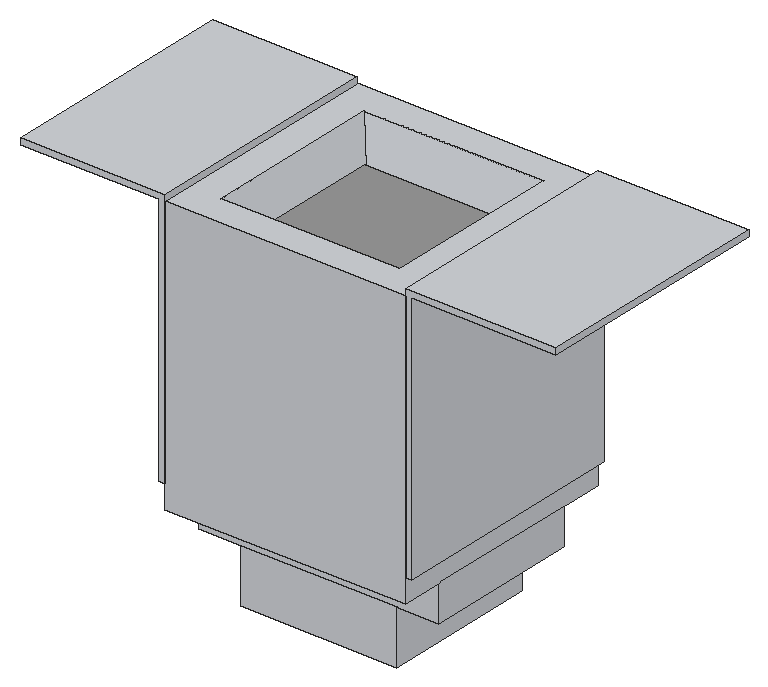
Revit family "2061052 Sylvania Lighting Fixture DOMINO 1xLED 930 BLACK MB TRIMLESS WHITE", category Lighting Fixtures, host Face, Revit 2018
Family settings
  Host = Face
  Round Connector Dimension = Use Diameter
  Part Type = Normal
  OmniClass Number = 23.80.70.00
  OmniClass Title = Lighting
  Cut with Voids When Loaded = No
  Light Source = Yes
  Shared = No
  Room Calculation Point = No
Parameters (values of type "2061052 DOMINO 1XLED 930 BLACK MB TS WHT ")
  top top width = 15.812 mm
  top top length = 26 mm
  bracket height = 42 mm
  Width = 50 mm
  Weight = "n/a"
  Wattage Comments = ""
  Wattage = 9.2903 W
  WarrantyStartDate [instance] = "n/a"
  WarrantyGuarantorParts = "n/a"
  WarrantyDurationUnit = "n/a"
  WarrantyDurationParts = ""
  WarrantyDescription = "http://www.sylvania-lighting.com"
  built-in parameter 1150110 = 1 (stored number, unit not read)
  Voltage = 0 V
  URL = "0.6"
  TypeName = "DOMINO 1xLED 930 BLACK MB TRIMLESS WHITE"
  Type Image = <None>
  Type Comments = "n/a"
  built-in parameter 1114217 = 1 (stored number, unit not read)
  Top Width = 26 mm
  Tilt Angle = 90.00°
  built-in parameter 1150109 = 1 (stored number, unit not read)
  built-in parameter 1150134 = 3
  built-in parameter 1150113 = 1 (stored number, unit not read)
  SerialNumber [instance] = "n/a"
  Recessed Width = 43 mm
  Recessed Length = 43 mm
  Photometric Web File = "2061052.ies"
  Material_3_FEILO = none
  PowerFactor = 0
  PowerConsumption = "Lighting"
  NominalLength = 40 mm
  NominalHeight = 0 mm
  NominalDepth = 0 mm
  Name = "DOMINO 1xLED 930 BLACK MB TRIMLESS WHITE"
  ModelReference = Name  # "DOMINO 1xLED 930 BLACK MB TRIMLESS WHITE"
  ModelNumber = "2061052"
  Model = Name  # "DOMINO 1xLED 930 BLACK MB TRIMLESS WHITE"
  Material = "Feilo Sylvania"
  ManufacturerName = "44 lm/W"
  Manufacturer = ""
  LuminousEfficacy = ""
  built-in parameter 1150105 = 109.82 (stored number, unit not read)
  Lumens = 1380 lm
  LuminaireType = "0"
  built-in parameter 1150115 = 1 (stored number, unit not read)
  LightOutputRatio = "LED"
  built-in parameter 1150137 = (empty or 0)
  built-in parameter 1150139 = (empty or 0)
  Lens inside recess = 25 mm
  Lens Width = 32 mm
  Lens Outside recess = 31.978 mm
  Lens = Glass, White, High Luminance
  Length = 50 mm
  LampsType = Lamp  # "n/a"
  LampNominalLuminous = "3000 K"
  LampMacAdamStep = "90"
  LampColourTemperature = "LED"
  LampColourRenderingIndex = "16500"
  built-in parameter 1150112 = 1 (stored number, unit not read)
  built-in parameter 1150114 = 1 (stored number, unit not read)
  Lamp = "n/a"
  Keynote = "n/a"
  InstallationDate [instance] = "n/a"
  InputVoltage = "0"
  InputNominalFrequency = "3000"
  built-in parameter 1150132 = (empty or 0)
  built-in parameter 1150102 = (empty or 0)
  built-in parameter 1150107 = 3200 (stored number, unit not read)
  built-in parameter 1150138 = (empty or 0)
  IngressProtection = "IfcLightFixtureType"
  ImpactProtectionIndex = "IfcLightFixtureType"
  built-in parameter 1150106 = 1.0982 (stored number, unit not read)
  IfcExportType = "IfcLightFixtureType"
  IfcExportAs = "Class II"
  Facia internal width = 37 mm
  Facia internal length = 37 mm
  Facia Height = 2 mm
  ExpectedLife = 50000
  Emit from Circle Diameter = 609.6 mm
  Emit Shape Visible in Rendering = no
  ElectricShockClassification = "44"
  built-in parameter 1150104 = 13.8 (stored number, unit not read)
  DurationUnit = "hours"
  DocumentationLiterature = "http://www.sylvania-lighting.com/product/en-int/products/2061052"
  DimmingControlOptions = "n/a"
  Material_2_FEILO = none
  Dimming Lamp Color Temperature Shift = <None>
  Description = "Modular LED recessed linear spotlight, ideal for retail and hospitality applications. Die-cast aluminium body, passive cooling. Two levels of reflector installation, low glaring UGR<16. 1x LED source, 30° beam angle , optics: PMMA lens and polycarbonate reflector combination, Black matt reflector finish. Light color temperature: 3000K warm white, total system power: 4W , total fixture lumen output: 175lm, efficacy: 44 lm/W, Ra90 typical, LED chromacity: 3 step MacAdam ellipse (SDCM3), lifespan: 96,000 hours at 90% of the original output (L90B10), IR/UV free light source without heat radiation, operating voltage: 220-240V / 50-60Hz, electronic driver, ultra low flicker, non-dimmable , electrical protection: Class II. Degree of Protection: IP40/IP20, suitable for indoor environment only. Ceiling cut-out: 42x42mm, outer dimensions:  40x40mm , trimless frame RAL 9016 - Traffic white / Bezel color.5 years Warranty."
  Default Elevation = 1219.2 mm
  CreatedOn = "11/02/2021"
  CreatedBy = "@sylvania-lighting.com"
  Cost = 0
  Color Filter = 16777215
  built-in parameter 1114216 [instance] = (empty or 0)
  ClassificationValue = "EF_70_80"
  ClassificationName = "Uniclass2015"
  Material_1_FEILO = none
  Body Width = 40 mm
  Body Length = 40 mm
  BarCode [instance] = "n/a"
  built-in parameter 1114218 = 1 (stored number, unit not read)
  built-in parameter 1150133 = 10 (stored number, unit not read)
  AssetType = "Fixed"
  AssetIdentifier [instance] = "n/a"
  Assembly Code = "D5020200"
  Apparent Load = 4 VA
  Material_4_FEILO = none
Reference planes
  plane 1 "Center (Front/Back)": y = 0
  plane 2: z = 0
  plane 3 "Center (Left/Right)": x = 0
  plane 4: z = 0
  plane 5: z = -7
  plane 6: z = -45.895
  plane 7: z = -51.895
  plane 8: z = -60.895
  plane 9: x = -21.5
  plane 10: x = 21.5
  plane 11: y = 21.5
  plane 12: y = -21.5
  plane 13: x = -25
  plane 14: x = 25
  plane 15: y = 25
  plane 16: y = -25
  plane 17: x = 18.5
  plane 18: x = -18.5
  plane 19: y = 18.5
  plane 20: y = -18.5
  plane 21: z = 2
  plane 22: x = -20
  plane 23: x = 20
  plane 24: y = 20
  plane 25: y = -20
  plane 26: y = 13
  plane 27: y = -13
  plane 28: y = 16
  plane 29: y = -16
  plane 30: x = 13
  plane 31: x = -13
  plane 32: x = -15.772
  plane 33: x = 16.206
  plane 34: y = 12.5
  plane 35: y = -12.5
  plane 36: x = -12.5
  plane 37: x = 12.5
  plane 38: z = -42
  plane 39: x = -44
  plane 40: z = 0.969
  plane 41: x = -21
  plane 42: x = 21
  plane 43: x = 45
Forms (mm)
  Extrusion 1, solid, not visible, detail levels medium+fine
    sketch origin (4.2, 0, 0) x (1, 0, 0) y (0, 1, 0)
      loop
        line (-29.2, 34.5) -> (-29.2, -34.5) -> (20.8, -34.5) -> (20.8, 34.5) -> (-29.2, 34.5)
    from 0 to 1
  Extrusion 2, solid, not visible, detail levels medium+fine
    sketch origin (4.044, 0, 0) x (1, 0, 0) y (0, 1, 0)
      loop
        line (-29.2, 34.5) -> (-29.2, -34.5) -> (20.8, -34.5) -> (20.8, 34.5) -> (-29.2, 34.5)
    from 0 to 1
  Blend 3, solid, not visible, detail levels medium+fine
    base sketch origin (4.2, 0, 0) x (1, 0, 0) y (0, 1, 0)
      loop
        line (-29.2, 34.5) -> (-29.2, -34.5) -> (20.8, -34.5) -> (20.8, 34.5) -> (-29.2, 34.5)
    top sketch origin (4.2, 0, 0) x (1, 0, 0) y (0, 1, 0)
      loop
        line (-21.7, 28) -> (-21.7, -28) -> (13.3, -28) -> (13.3, 28) -> (-21.7, 28)
    from 1 to 3
  Extrusion 4, solid, not visible, detail levels medium+fine
    sketch origin (3.419, 0, 0) x (1, 0, 0) y (0, 1, 0)
      loop
        line (-29.2, 34.5) -> (-29.2, -34.5) -> (20.8, -34.5) -> (20.8, 34.5) -> (-29.2, 34.5)
    from 0 to 1
  Blend 5, solid, not visible, detail levels medium+fine
    base sketch origin (3.575, 0, 0) x (1, 0, 0) y (0, 1, 0)
      loop
        line (-29.2, 34.5) -> (-29.2, -34.5) -> (20.8, -34.5) -> (20.8, 34.5) -> (-29.2, 34.5)
    top sketch origin (3.575, 0, 0) x (1, 0, 0) y (0, 1, 0)
      loop
        line (-21.7, 28) -> (-21.7, -28) -> (13.3, -28) -> (13.3, 28) -> (-21.7, 28)
    from 1 to 3
  Extrusion 6, solid, not visible, detail levels medium+fine
    sketch origin (4.247, 0, 0) x (1, 0, 0) y (0, 1, 0)
      loop
        line (-29.2, 34.5) -> (-29.2, -34.5) -> (20.8, -34.5) -> (20.8, 34.5) -> (-29.2, 34.5)
    from 0 to 1
  Blend 7, solid, not visible, detail levels medium+fine
    base sketch origin (4.403, 0, 0) x (1, 0, 0) y (0, 1, 0)
      loop
        line (-29.2, 34.5) -> (-29.2, -34.5) -> (20.8, -34.5) -> (20.8, 34.5) -> (-29.2, 34.5)
    top sketch origin (4.403, 0, 0) x (1, 0, 0) y (0, 1, 0)
      loop
        line (-21.7, 28) -> (-21.7, -28) -> (13.3, -28) -> (13.3, 28) -> (-21.7, 28)
    from 1 to 3
  Extrusion 8, void, detail levels medium+fine
    sketch origin (4.2, 0, 0) x (0, 1, 0) y (1, 0, 0)
      loop
        line (21.5, -25.7) -> (21.5, 17.3) -> (-21.5, 17.3) -> (-21.5, -25.7) -> (21.5, -25.7)
    from -9.934 to 83.097
  Extrusion 9, solid, detail levels medium+fine
    sketch origin (4.2, 0, 0) x (1, 0, 0) y (0, 1, 0)
      loop
        line (-24.2, 20) -> (-24.2, -20) -> (15.8, -20) -> (15.8, 20) -> (-24.2, 20)
    from 0 to -45.895
  Extrusion 10, solid, detail levels medium+fine
    sketch origin (4.2, 0, 0) x (1, 0, 0) y (0, 1, 0)
      loop
        line (-24.2, 13) -> (-24.2, -13) -> (15.8, -13) -> (15.8, 13) -> (-24.2, 13)
    from -51.895 to -45.895
  Extrusion 11, solid, material "Glass, White, High Luminance" <- "Lens", detail levels fine
    sketch origin (13.547, 1218.849, 36.156) x (1, 0, 0) y (0, 1, 0)
      loop
        line (-26.047, -1206.7) -> (-26.047, -1231.7) -> (-1.047, -1231.7) -> (-1.047, -1206.7) -> (-26.047, -1206.7)
    from -43.156 to -42.182
  Extrusion 12, solid, detail levels fine
    sketch origin (0, 0, 0) x (1, 0, 0) y (0, 0, 1)
      loop
        line (-13, -51.895) -> (-13, -60.895) -> (13, -60.895) -> (13, -51.895) -> (-13, -51.895)
    from -13 to 13
  Blend 13, void, detail levels medium+fine
    base sketch origin (4.2, 0, 0) x (0, 1, 0) y (-1, 0, 0)
      loop
        line (16, 19.972) -> (-16, 19.972) -> (-16, -12.006) -> (16, -12.006) -> (16, 19.972)
    top sketch origin (4.2, 0, 0) x (0, 1, 0) y (-1, 0, 0)
      loop
        line (12.5, 16.7) -> (-12.5, 16.7) -> (-12.5, -8.3) -> (12.5, -8.3) -> (12.5, 16.7)
    from 3 to -7
  Extrusion 14, solid, detail levels coarse
    sketch origin (4.2, 0, 0) x (1, 0, 0) y (0, 1, 0)
      loop
        line (-48.2, 20) -> (-48.2, -20) -> (40.8, -20) -> (40.8, 20) -> (-48.2, 20)
    from 3 to -60.895
  Extrusion 15, solid, detail levels medium+fine
    sketch origin (0, 0, 0) x (1, 0, 0) y (0, 0, 1)
      loop
        line (-44, 0.969) -> (-44, 0) -> (-21, 0) -> (-21, -42) -> (-20, -42) -> (-20, 0.969) -> (-44, 0.969)
    from -20 to 20
  Extrusion 16, solid, detail levels medium+fine
    sketch origin (0, 0, 0) x (1, 0, 0) y (0, 0, 1)
      loop
        line (45, 0.969) -> (20, 0.969) -> (20, -42) -> (21, -42) -> (21, 0) -> (45, 0) -> (45, 0.969)
    from -20 to 20
Cuts and joins
  Blend 13 cuts Extrusion 9
Dimensions and locks
  "Recessed Length": plane 9 to plane 10
  equal spacing: plane 9, plane 3 "Center (Left/Right)", plane 10
  "Length": plane 13 to plane 14
  equal spacing: plane 13, plane 3 "Center (Left/Right)", plane 14
  "Recessed Width": plane 11 to plane 12
  equal spacing: plane 11, plane 1 "Center (Front/Back)", plane 12
  "Width": plane 15 to plane 16
  equal spacing: plane 15, plane 1 "Center (Front/Back)", plane 16
  "Facia internal length": plane 18 to plane 17
  equal spacing: plane 18, plane 3 "Center (Left/Right)", plane 17
  "Facia internal width": plane 19 to plane 20
  equal spacing: plane 19, plane 1 "Center (Front/Back)", plane 20
  "Facia Height": plane 21 to host face
  "Body Length": plane 22 to plane 23
  equal spacing: plane 22, plane 3 "Center (Left/Right)", plane 23
  "Body Width": plane 24 to plane 25
  equal spacing: plane 24, plane 1 "Center (Front/Back)", plane 25
  "Top Width": plane 26 to plane 27
  equal spacing: plane 26, plane 1 "Center (Front/Back)", plane 27
  "Lens Width": plane 28 to plane 29
  equal spacing: plane 28, plane 1 "Center (Front/Back)", plane 29
  "top top length": plane 31 to plane 30
  equal spacing: plane 31, plane 3 "Center (Left/Right)", plane 30  (x2)
  plane 30 to plane 31 = 26 mm
  equal spacing: plane 30, plane 3 "Center (Left/Right)", plane 31
  "Lens Outside recess": plane 32 to plane 33
  "Lens inside recess": plane 34 to plane 35
  equal spacing: plane 34, plane 1 "Center (Front/Back)", plane 35
  "bracket height": host face to plane 38
  aligned and locked: plane 2 to host face
  aligned and locked: level to host face
  aligned and locked: Extrusion 10 to plane 7
  aligned and locked: Extrusion 9 to plane 6
Automatic sketch dimensions
  host sketch curve to host sketch curve = 2438.4 mm  (x2)
  Extrusion 1 sketch curve to Extrusion 1 sketch curve = 50 mm
  Extrusion 1 sketch curve to Extrusion 1 sketch curve = 69 mm
  Extrusion 2 sketch curve to Extrusion 2 sketch curve = 50 mm
  Extrusion 2 sketch curve to Extrusion 2 sketch curve = 69 mm
  Blend 3 sketch curve to Blend 3 sketch curve = 50 mm
  Blend 3 sketch curve to Blend 3 sketch curve = 69 mm
  Blend 3 sketch curve to Blend 3 sketch curve = 35 mm
  Blend 3 sketch curve to Blend 3 sketch curve = 56 mm
  Extrusion 4 sketch curve to Extrusion 4 sketch curve = 50 mm
  Extrusion 4 sketch curve to Extrusion 4 sketch curve = 69 mm
  Blend 5 sketch curve to Blend 5 sketch curve = 50 mm
  Blend 5 sketch curve to Blend 5 sketch curve = 69 mm
  Blend 5 sketch curve to Blend 5 sketch curve = 35 mm
  Blend 5 sketch curve to Blend 5 sketch curve = 56 mm
  Extrusion 6 sketch curve to Extrusion 6 sketch curve = 50 mm
  Extrusion 6 sketch curve to Extrusion 6 sketch curve = 69 mm
  Blend 7 sketch curve to Blend 7 sketch curve = 50 mm
  Blend 7 sketch curve to Blend 7 sketch curve = 69 mm
  Blend 7 sketch curve to Blend 7 sketch curve = 35 mm
  Blend 7 sketch curve to Blend 7 sketch curve = 56 mm
  plane 9 to Extrusion 8 sketch curve = 0 mm
  Extrusion 8 sketch curve to plane 12 = 0 mm
  Extrusion 8 sketch curve to plane 11 = 0 mm
  Extrusion 8 sketch curve to plane 10 = 0 mm
  Extrusion 9 sketch curve to plane 22 = 0 mm
  Extrusion 9 sketch curve to plane 23 = 0 mm
  Extrusion 9 sketch curve to plane 25 = 0 mm
  Extrusion 9 sketch curve to plane 24 = 0 mm
  Extrusion 10 sketch curve to plane 22 = 0 mm
  Extrusion 10 sketch curve to plane 23 = 0 mm
  Extrusion 10 sketch curve to plane 27 = 0 mm
  Extrusion 10 sketch curve to plane 26 = 0 mm
  Extrusion 11 sketch curve to plane 11 = 9.351 mm
  plane 1 "Center (Front/Back)" to Extrusion 11 sketch curve = 12.851 mm
  plane 18 to Extrusion 11 sketch curve = 6 mm
  Extrusion 11 sketch curve to Extrusion 11 sketch curve = 25 mm
  Extrusion 12 sketch curve to plane 8 = 0 mm
  Extrusion 12 sketch curve to plane 31 = 0 mm
  Extrusion 12 sketch curve to plane 30 = 0 mm
  Extrusion 12 sketch curve to plane 7 = 0 mm
  Blend 13 sketch curve to plane 29 = 0 mm
  Blend 13 sketch curve to plane 28 = 0 mm
  Blend 13 sketch curve to plane 33 = 0 mm
  Blend 13 sketch curve to plane 32 = 0 mm
  Blend 13 sketch curve to plane 35 = 0 mm
  Blend 13 sketch curve to plane 34 = 0 mm
  Blend 13 sketch curve to plane 37 = 0 mm
  Blend 13 sketch curve to plane 36 = 0 mm
  Extrusion 14 sketch curve to plane 13 = 19 mm
  plane 14 to Extrusion 14 sketch curve = 20 mm
  plane 16 to Extrusion 14 sketch curve = 5 mm
  Extrusion 14 sketch curve to plane 15 = 5 mm
  Extrusion 15 sketch curve to plane 39 = 0 mm
  Extrusion 15 sketch curve to level = 0 mm
  plane 9 to Extrusion 15 sketch curve = 1.5 mm
  Extrusion 15 sketch curve to plane 38 = 0 mm
  Extrusion 15 sketch curve to plane 40 = 0 mm
  plane 9 to Extrusion 15 sketch curve = 0.5 mm
  Extrusion 16 sketch curve to plane 21 = 1.031 mm
  Extrusion 16 sketch curve to plane 23 = 0 mm
  Extrusion 16 sketch curve to plane 38 = 0 mm
  Extrusion 16 sketch curve to plane 42 = 0 mm
  Extrusion 16 sketch curve to plane 43 = 0 mm
  Extrusion 16 sketch curve to level = 0 mm
Connectors
  electrical at (0, 0, -60.895)
    settings: on Extrusion 12, index 1, voltage 0 V, apparent load 0 VA, apparent load phase1 0 VA, apparent load phase2 0 VA, apparent load phase3 0 VA, power factor 1, load classification "Other", number of poles 1, system type 31, power factor state 1, is connector primary yes, connector utility no, sub classification motor no, connector description ""
